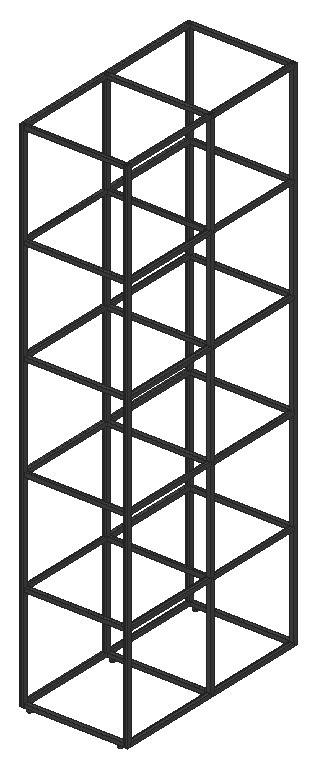
Revit family "DBLTD_TheSenatorGroup_OffcStrg_CrateDivide_CornerFrame_US", category Furniture, Revit 2018
Family settings
  Work Plane-Based = No
  Always vertical = Yes
  Cut with Voids When Loaded = No
  Shared = Yes
  Room Calculation Point = No
Parameters (values of type "5-High 2 Bay Unit")
  WarrantyStartDate [instance] = "1900-12-31T23:59:59"
  WarrantyGuarantorParts = "n/a"
  WarrantyGuarantorLabor = "n/a"
  WarrantyDurationUnit = "Years"
  WarrantyDurationParts = "n/a"
  WarrantyDurationLabor = "n/a"
  WarrantyDescription = "Allermuir will repair, or replace (at Allermuir’s sole discretion) with comparable free of charge materials/ components, any product/ component which fails under normal use in a single shift environment, as a result of a defect in the materials and/or workmanship. Exceptions - Non-standard product - 2 years Screen-mounted Accessories/ Dry-wipe Boards - 2 years Electrical and/or electronic componentry - 2 years. Exclusions - Allermuir does not warrant: Failure due to normal “Wear and Tear”. Natural variations in appearance of wood - its grain, figure and colour. Changes in surface appearance resulting from exposure to light, and the natural ageing process of wood. Changes in surface appearance resulting from the misuse of cleaning materials and methods/ damage form sharp objects/ imprinting from writing implements. Natural variations in Leather - its marks, scars and wrinkles. Product stored/ exposed to extreme operational conditions. Consumable components such as Fuses/ Lights/ lamps/ transformers/etc. Other Manufacturer’s product supplied by Allermuir (their own warranty shall apply where possible). Non-standard fabrics/ finishes or veneers used. Allermuir only checks the manufacturing quality of Customer’s Own Material (COM) and provides no warrant"
  Version = "2"  # constant formula
  Uniclass2015Version = "Products v1.9"
  Uniclass2015Title = "Office storage units"
  Uniclass2015Code = "Pr_40_30_78_57"
  URL = "https://www.thesenatorgroup.com/"
  Type Comments = "5-high 2 bay unit"
  TagNumber [instance] = "n/a"
  SustainabilityPerformance = "Contains up to 50.00% of Recycled Material"
  Style = "n/a"
  Size = "L 35.5\" x  W L 18\" x  H 88\""
  Shape = "Rectangular"
  SerialNumber [instance] = "n/a"
  Revision = "n/a"
  ReplacementCost = "n/a"
  ProductInformation = "https://www.thesenatorgroup.com/en/catalog/allermuir/tables-storage/crate-divide"
  OmniClassTitle = "Storage"
  OmniClassCode = "22-12 51 19"
  NominalWidth = 458 mm
  NominalLength = 458 mm  # constant formula
  NominalHeight = 2231.898 mm
  NominalDepth = 900 mm  # constant formula
  Name = "OfficeStorage_CrateDivide_CornerFrame"
  NBSReference = "45-35-80/360"
  NBSDescription = "Office storage"
  NBSCertification = ""
  ModelReference = "5-high 2 bay unit"
  ModelNumber = "CRT5H2B90"
  Model = "CRT5H2B90"
  Material = "Tubular Steel"
  ManufacturerURL = "https://www.thesenatorgroup.com/"
  ManufacturerName = "The Senator Group"
  Manufacturer = "The Senator Group"
  MainColor = "n/a"
  Keynote = "Pr_40_30_78_57"
  InstallationDate [instance] = "1900-12-31T23:59:59"
  IfcExportType = "STORAGE"  # constant formula
  IfcExportAs = "IfcFurnitureType"  # constant formula
  Grade = "n/a"
  FrameMaterial [instance] = TheSenatorGroup_Plastic_Black
  Finish = "Black powder coat as standard. Optional colours available White, Sage, Bronze and Aubergine"
  Features = "A cube based modular storage system with a prime function to to act as a room divider. Create spaces using the modular design of Crate. Pre-built components can be connected together in-line or at right angles to create different zones within existing spaces."
  ExpectedLife = "n/a"
  DurationUnit = "year"
  Description = "5-high 2 bay unit"
  Cost = 0
  Constituents = "Tubular Steel frame available in Optional White, Sage, Bronze and Aubergine powder coat"
  Color = "Defined by Finish Specifed"
  CodePerformance = "n/a"
  Category = "Pr_40_30_78_57:Office storage units"
  BayHeight = DBLTD_TheSenatorGroup_OffcStrg_CrateDivide_LinkingBars_Nested : Bars to Link 5-High Bay Unit
  BarCode [instance] = "n/a"
  BIMObjectName = "TheSenatorGroup_OfficeStorage_CrateDivide_CornerFrame"
  Author = "Diane Butterworth Ltd"  # constant formula
  AssetType = "Movable"
  AssetIdentifier [instance] = "n/a"
  AccessibilityPerformance = "n/a"
Types (4, lengths in mm): name | Type Comments | Size | NominalHeight | ModelReference | ModelNumber | Model | Description | BayHeight
  2-High 2 Bay Unit | "2-high 2 bay unit" | "L 35.5\" x  W L 18\" x  H 35.5\"" | 899.922 | "2-high 2 bay unit" | "CRT2H2B90" | "CRT2H2B90" | "2-high 2 bay unit" | DBLTD_TheSenatorGroup_OffcStrg_CrateDivide_LinkingBars_Nested : Bars to Link 2-High Bay Unit
  3-High 2 Bay Unit | "3-high 2 bay unit" | "L 35.5\" x  W L 18\" x  H 53\"" | 1347.978 | "3-high 2 bay unit" | "CRT3H2B90" | "CRT3H2B90" | "3-high 2 bay unit" | DBLTD_TheSenatorGroup_OffcStrg_CrateDivide_LinkingBars_Nested : Bars to Link 3-High Bay Unit
  4-High 2 Bay Unit | "4-high 2 bay unit" | "L 35.5\" x  W L 18\" x  H 30\"" | 1789.938 | "4-high 2 bay unit" | "CRT4H2B90" | "CRT4H2B90" | "4-high 2 bay unit" | DBLTD_TheSenatorGroup_OffcStrg_CrateDivide_LinkingBars_Nested : Bars to Link 4-High Bay Unit
  5-High 2 Bay Unit | "5-high 2 bay unit" | "L 35.5\" x  W L 18\" x  H 88\"" | 2231.898 | "5-high 2 bay unit" | "CRT5H2B90" | "CRT5H2B90" | "5-high 2 bay unit" | DBLTD_TheSenatorGroup_OffcStrg_CrateDivide_LinkingBars_Nested : Bars to Link 5-High Bay Unit
Reference planes
  plane 1 "Back": y = 0
  plane 2: z = 0
  plane 3 "Center (Left/Right)": x = 0
  plane 4 "Front": y = -900
  plane 5 "Left": x = -229
  plane 6 "Right": x = 229
  plane 7 "Top": z = 2231.898
  plane 8: y = -450
Dimensions and locks
  "NominalDepth": plane 4 "Front" to plane 1 "Back"
  equal spacing: plane 5 "Left", plane 3 "Center (Left/Right)", plane 6 "Right"
  "NominalLength": plane 5 "Left" to plane 6 "Right"
  "NominalHeight": plane 7 "Top" to level
  equal spacing: plane 4 "Front", plane 8, plane 1 "Back"
  aligned and locked: level to plane 2
  aligned and locked: nested 2 to plane 4 "Front"
Nested families
  nested 1: "DBLTD_TheSenatorGroup_OffcStrg_CrateDivide_LinkingBars_Nested" at (229, -229, 0) x (0, -1, 0) z (0, 0, 1), FrameMaterial <- "FrameMaterial", type <- "BayHeight", type "Bars to Link 5-High Bay Unit"
    with FrameMaterial TheSenatorGroup_Plastic_Black
  nested 2: "DBLTD_TheSenatorGroup_OffcStrg_CrateDivide_LinkingBars_Nested" at (229, -671, 0) x (0, -1, 0) z (0, 0, 1), FrameMaterial <- "FrameMaterial", type <- "BayHeight", type "Bars to Link 5-High Bay Unit"
    with Is2Bay no, FrameMaterial TheSenatorGroup_Plastic_Black
Definition of nested family "DBLTD_TheSenatorGroup_OffcStrg_CrateDivide_LinkingBars_Nested"
  Parameters (values of type "Bars to Link 2-High Bay Unit")
    URL = "https://www.thesenatorgroup.com/"
    Type Comments = ""
    Model = ""
    Manufacturer = "The Senator Group"
    Keynote = ""
    Is2Bay [instance] = yes
    FrameNumber = 2
    FrameMaterial [instance] = none
    FrameHeight = 899.93 mm
    Description = ""
    Cost = 0
  Types (4, lengths in mm): name | FrameNumber | FrameHeight
    Bars to Link 2-High Bay Unit | 2 | 899.93
    Bars to Link 3-High Bay Unit | 3 | 1342
    Bars to Link 4-High Bay Unit | 4 | 1784
    Bars to Link 5-High Bay Unit | 5 | 2226
  Reference planes
    plane 1 "Back": y = 0
    plane 2: z = 0
    plane 3 "Center (Left/Right)": x = 0
    plane 4 "Front": y = -458
    plane 5 "Left": x = -229
    plane 6 "Right": x = 229
    plane 7: y = -229
  Forms (mm)
    Extrusion 1, solid, material <- "FrameMaterial"
      sketch origin (0, 0, 0) x (0, 1, 0) y (0, 0, 1)
        loop
          line (-442.12, 25.88) -> (-458, 25.88) -> (-458, 10) -> (-442.12, 10) -> (-442.12, 25.88)
        loop
          line (0, 25.88) -> (-16, 25.88) -> (-16, 10) -> (0, 10) -> (0, 25.88)
        loop
          line (-2, 23.88) -> (-14, 23.88) -> (-14, 12) -> (-2, 12) -> (-2, 23.88)
        loop
          line (-444.12, 23.88) -> (-456, 23.88) -> (-456, 12) -> (-444.12, 12) -> (-444.12, 23.88)
      from -213.06 to 213.06
    Extrusion 2, solid, material <- "FrameMaterial"
      sketch origin (0, 0, 442.05) x (0, 1, 0) y (0, 0, 1)
        loop
          line (-442.12, 25.88) -> (-458, 25.88) -> (-458, 10) -> (-442.12, 10) -> (-442.12, 25.88)
        loop
          line (0, 25.88) -> (-16, 25.88) -> (-16, 10) -> (0, 10) -> (0, 25.88)
        loop
          line (-2, 23.88) -> (-14, 23.88) -> (-14, 12) -> (-2, 12) -> (-2, 23.88)
        loop
          line (-444.12, 23.88) -> (-456, 23.88) -> (-456, 12) -> (-444.12, 12) -> (-444.12, 23.88)
      from -213.06 to 213.06
    Extrusion 3, solid, material <- "FrameMaterial"
      sketch origin (0, 0, 884.05) x (0, 1, 0) y (0, 0, 1)
        loop
          line (-442.12, 25.88) -> (-458, 25.88) -> (-458, 10) -> (-442.12, 10) -> (-442.12, 25.88)
        loop
          line (0, 25.88) -> (-16, 25.88) -> (-16, 10) -> (0, 10) -> (0, 25.88)
        loop
          line (-2, 23.88) -> (-14, 23.88) -> (-14, 12) -> (-2, 12) -> (-2, 23.88)
        loop
          line (-444.12, 23.88) -> (-456, 23.88) -> (-456, 12) -> (-444.12, 12) -> (-444.12, 23.88)
      from -213.06 to 213.06
    Extrusion 4, solid, material <- "FrameMaterial", visible <- "Is2Bay"
      sketch origin (0, 0, 10) x (-1, 0, 0) y (0, -1, 0)
        loop
          line (229, 0) -> (229, 16) -> (213.06, 16) -> (213.06, 0) -> (229, 0)
        loop
          line (213.06, 442.12) -> (229, 442.12) -> (229, 458) -> (213.06, 458) -> (213.06, 442.12)
        loop
          line (227, 2) -> (227, 14) -> (215.06, 14) -> (215.06, 2) -> (227, 2)
        loop
          line (227, 444.12) -> (227, 456.12) -> (215.06, 456.12) -> (215.06, 444.12) -> (227, 444.12)
      from 0 to 899.93 <- "FrameHeight"
    Extrusion 5, solid, material <- "FrameMaterial"
      sketch origin (0, 0, 10) x (1, 0, 0) y (0, 1, 0)
        loop
          line (229, 0) -> (213.06, 0) -> (213.06, -16) -> (229, -16) -> (229, 0)
        loop
          line (213.06, -442.12) -> (213.06, -458) -> (229, -458) -> (229, -442.12) -> (213.06, -442.12)
        loop
          line (227, -2) -> (215.06, -2) -> (215.06, -14) -> (227, -14) -> (227, -2)
        loop
          line (227, -444.12) -> (215.06, -444.12) -> (215.06, -456.12) -> (227, -456.12) -> (227, -444.12)
      from 0 to 899.93 <- "FrameHeight"
    Extrusion 6, solid, material <- "FrameMaterial"
      sketch origin (-229, -229.06, 0) x (-1, 0, 0) y (0, 0, 1)
        loop
          line (-442.06, 25.88) -> (-458, 25.88) -> (-458, 10) -> (-442.06, 10) -> (-442.06, 25.88)
        loop
          line (-444.06, 23.88) -> (-456, 23.88) -> (-456, 12) -> (-444.06, 12) -> (-444.06, 23.88)
      from -213.06 to 213.06
    Extrusion 7, solid, material <- "FrameMaterial", visible <- "Is2Bay"
      sketch origin (-671.06, -229.06, 0) x (-1, 0, 0) y (0, 0, 1)
        loop
          line (-442.06, 25.88) -> (-458, 25.88) -> (-458, 10) -> (-442.06, 10) -> (-442.06, 25.88)
        loop
          line (-444.06, 23.88) -> (-456, 23.88) -> (-456, 12) -> (-444.06, 12) -> (-444.06, 23.88)
      from -213.06 to 213.06
    Extrusion 8, solid, material <- "FrameMaterial", not visible
      sketch origin (-229, -229.06, -10) x (-1, 0, 0) y (0, 0, 1)
        loop
          line (-442.06, 25.88) -> (-458, 25.88) -> (-458, 10) -> (-442.06, 10) -> (-442.06, 25.88)
        loop
          line (-444.06, 23.88) -> (-456, 23.88) -> (-456, 12) -> (-444.06, 12) -> (-444.06, 23.88)
      from -213.06 to 213.06
    Extrusion 9, solid, material <- "FrameMaterial", visible <- "Is2Bay", not visible
      sketch origin (-671.06, -229.06, -10) x (-1, 0, 0) y (0, 0, 1)
        loop
          line (-442.06, 25.88) -> (-458, 25.88) -> (-458, 10) -> (-442.06, 10) -> (-442.06, 25.88)
        loop
          line (-444.06, 23.88) -> (-456, 23.88) -> (-456, 12) -> (-444.06, 12) -> (-444.06, 23.88)
      from -213.06 to 213.06
    Extrusion 10, solid, material <- "FrameMaterial"
      sketch origin (-229, -229.06, 442.05) x (-1, 0, 0) y (0, 0, 1)
        loop
          line (-442.06, 25.88) -> (-458, 25.88) -> (-458, 10) -> (-442.06, 10) -> (-442.06, 25.88)
        loop
          line (-444.06, 23.88) -> (-456, 23.88) -> (-456, 12) -> (-444.06, 12) -> (-444.06, 23.88)
      from -213.06 to 213.06
    Extrusion 11, solid, material <- "FrameMaterial", visible <- "Is2Bay"
      sketch origin (-671.06, -229.06, 442.05) x (-1, 0, 0) y (0, 0, 1)
        loop
          line (-442.06, 25.88) -> (-458, 25.88) -> (-458, 10) -> (-442.06, 10) -> (-442.06, 25.88)
        loop
          line (-444.06, 23.88) -> (-456, 23.88) -> (-456, 12) -> (-444.06, 12) -> (-444.06, 23.88)
      from -213.06 to 213.06
    Extrusion 12, solid, material <- "FrameMaterial"
      sketch origin (-229, -229.06, 884.05) x (-1, 0, 0) y (0, 0, 1)
        loop
          line (-442.06, 25.88) -> (-458, 25.88) -> (-458, 10) -> (-442.06, 10) -> (-442.06, 25.88)
        loop
          line (-444.06, 23.88) -> (-456, 23.88) -> (-456, 12) -> (-444.06, 12) -> (-444.06, 23.88)
      from -213.06 to 213.06
    Extrusion 13, solid, material <- "FrameMaterial", visible <- "Is2Bay"
      sketch origin (-671.06, -229.06, 884.05) x (-1, 0, 0) y (0, 0, 1)
        loop
          line (-442.06, 25.88) -> (-458, 25.88) -> (-458, 10) -> (-442.06, 10) -> (-442.06, 25.88)
        loop
          line (-444.06, 23.88) -> (-456, 23.88) -> (-456, 12) -> (-444.06, 12) -> (-444.06, 23.88)
      from -213.06 to 213.06
    Revolve 14, solid, visible <- "Is2Bay"
      sketch origin (0, -35, 0) x (1, 0, 0) y (0, 0, 1)
        loop
          line (-221.03, 10) -> (-224.53, 10) -> (-224.53, 3.867) -> (-227.78, 3.867)
          arc (-227.78, 3.867) -> (-229.194, 3.282) -> (-229.78, 1.867) r 2
          line (-229.78, 1.867) -> (-229.78, 0) -> (-221.03, 0) -> (-221.03, 10)
        axis (-221.03, 0) -> (-221.03, 10)
      angle from 0 to 360
    Revolve 15, solid, visible <- "Is2Bay"
      sketch origin (0, -423.12, 0) x (1, 0, 0) y (0, 0, -1)
        loop
          line (-221.03, -10) -> (-221.03, 0) -> (-229.78, 0) -> (-229.78, -1.867)
          arc (-229.78, -1.867) -> (-229.194, -3.282) -> (-227.78, -3.867) r 2
          line (-227.78, -3.867) -> (-224.53, -3.867) -> (-224.53, -10) -> (-221.03, -10)
        axis (-221.03, 0) -> (-221.03, -10)
      angle from 0 to 360
    Revolve 16, solid
      sketch origin (0, -35, 0) x (-1, 0, 0) y (0, 0, -1)
        loop
          line (-221.03, -10) -> (-221.03, 0) -> (-229.78, 0) -> (-229.78, -1.867)
          arc (-229.78, -1.867) -> (-229.194, -3.282) -> (-227.78, -3.867) r 2
          line (-227.78, -3.867) -> (-224.53, -3.867) -> (-224.53, -10) -> (-221.03, -10)
        axis (-221.03, 0) -> (-221.03, -10)
      angle from 0 to 360
    Revolve 17, solid
      sketch origin (0, -423.12, 0) x (-1, 0, 0) y (0, 0, 1)
        loop
          line (-221.03, 10) -> (-224.53, 10) -> (-224.53, 3.867) -> (-227.78, 3.867)
          arc (-227.78, 3.867) -> (-229.194, 3.282) -> (-229.78, 1.867) r 2
          line (-229.78, 1.867) -> (-229.78, 0) -> (-221.03, 0) -> (-221.03, 10)
        axis (-221.03, 0) -> (-221.03, 10)
      angle from 0 to 360
  Dimensions and locks
    plane 4 "Front" to plane 1 "Back" = 458 mm
    equal spacing: plane 5 "Left", plane 3 "Center (Left/Right)", plane 6 "Right"
    plane 5 "Left" to plane 6 "Right" = 458 mm
    equal spacing: plane 4 "Front", plane 7, plane 1 "Back"
    Extrusion 2 to level = 467.93 mm
    group 2 to group 3 = 0 mm  (x2)
    group 2 to group 3 = 442 mm
    group 6 to group 7 = 0 mm  (x2)
    group 6 to group 7 = 442 mm
    aligned and locked: level to plane 2
  Automatic sketch dimensions
    Extrusion 1 sketch curve to Extrusion 1 sketch curve = 15.88 mm  (x3)
    Extrusion 1 sketch curve to Extrusion 1 sketch curve = 2 mm  (x8)
    Extrusion 1 sketch curve to Extrusion 1 sketch curve = 426.12 mm
    Extrusion 1 sketch curve to Extrusion 1 sketch curve = 12 mm
    Extrusion 1 sketch curve to Extrusion 1 sketch curve = 0 mm
    Extrusion 2 sketch curve to Extrusion 2 sketch curve = 15.88 mm  (x3)
    Extrusion 2 sketch curve to Extrusion 2 sketch curve = 2 mm  (x8)
    Extrusion 2 sketch curve to Extrusion 2 sketch curve = 426.12 mm
    Extrusion 2 sketch curve to Extrusion 2 sketch curve = 12 mm
    Extrusion 2 sketch curve to Extrusion 2 sketch curve = 0 mm
    Extrusion 3 sketch curve to Extrusion 3 sketch curve = 15.88 mm  (x3)
    Extrusion 3 sketch curve to Extrusion 3 sketch curve = 2 mm  (x8)
    Extrusion 3 sketch curve to Extrusion 3 sketch curve = 426.12 mm
    Extrusion 3 sketch curve to Extrusion 3 sketch curve = 12 mm
    Extrusion 3 sketch curve to Extrusion 3 sketch curve = 0 mm
    Extrusion 6 sketch curve to Extrusion 6 sketch curve = 11.94 mm
    Extrusion 6 sketch curve to Extrusion 6 sketch curve = 2 mm  (x4)
    Extrusion 6 sketch curve to Extrusion 6 sketch curve = 11.88 mm
    Extrusion 7 sketch curve to Extrusion 7 sketch curve = 11.94 mm
    Extrusion 7 sketch curve to Extrusion 7 sketch curve = 2 mm  (x4)
    Extrusion 7 sketch curve to Extrusion 7 sketch curve = 11.88 mm
    Extrusion 8 sketch curve to Extrusion 8 sketch curve = 11.94 mm
    Extrusion 8 sketch curve to Extrusion 8 sketch curve = 2 mm  (x4)
    Extrusion 8 sketch curve to Extrusion 8 sketch curve = 11.88 mm
    Extrusion 9 sketch curve to Extrusion 9 sketch curve = 11.94 mm
    Extrusion 9 sketch curve to Extrusion 9 sketch curve = 2 mm  (x4)
    Extrusion 9 sketch curve to Extrusion 9 sketch curve = 11.88 mm
    Extrusion 10 sketch curve to Extrusion 10 sketch curve = 11.94 mm
    Extrusion 10 sketch curve to Extrusion 10 sketch curve = 2 mm  (x4)
    Extrusion 10 sketch curve to Extrusion 10 sketch curve = 11.88 mm
    Extrusion 11 sketch curve to Extrusion 11 sketch curve = 11.94 mm
    Extrusion 11 sketch curve to Extrusion 11 sketch curve = 2 mm  (x4)
    Extrusion 11 sketch curve to Extrusion 11 sketch curve = 11.88 mm
    Extrusion 12 sketch curve to Extrusion 12 sketch curve = 11.94 mm
    Extrusion 12 sketch curve to Extrusion 12 sketch curve = 2 mm  (x4)
    Extrusion 12 sketch curve to Extrusion 12 sketch curve = 11.88 mm
    Extrusion 13 sketch curve to Extrusion 13 sketch curve = 11.94 mm
    Extrusion 13 sketch curve to Extrusion 13 sketch curve = 2 mm  (x4)
    Extrusion 13 sketch curve to Extrusion 13 sketch curve = 11.88 mm
    plane 1 "Back" to Extrusion 4 sketch curve = 0 mm
    Extrusion 4 sketch curve to plane 4 "Front" = 0 mm
    Extrusion 4 sketch curve to plane 5 "Left" = 0 mm  (x2)
    plane 5 "Left" to Extrusion 4 sketch curve = 2 mm  (x2)
    plane 1 "Back" to Extrusion 4 sketch curve = 2 mm
    Extrusion 4 sketch curve to Extrusion 4 sketch curve = 11.94 mm  (x2)
    Extrusion 4 sketch curve to Extrusion 4 sketch curve = 2 mm  (x4)
    Extrusion 4 sketch curve to Extrusion 4 sketch curve = 12 mm
    plane 4 "Front" to Extrusion 4 sketch curve = 15.88 mm
    plane 4 "Front" to Extrusion 4 sketch curve = 1.88 mm
    plane 1 "Back" to Extrusion 5 sketch curve = 0 mm
    Extrusion 5 sketch curve to plane 4 "Front" = 0 mm
    Extrusion 5 sketch curve to plane 6 "Right" = 0 mm  (x2)
    Extrusion 5 sketch curve to plane 6 "Right" = 2 mm  (x2)
    plane 1 "Back" to Extrusion 5 sketch curve = 2 mm
    Extrusion 5 sketch curve to Extrusion 5 sketch curve = 11.94 mm  (x2)
    Extrusion 5 sketch curve to Extrusion 5 sketch curve = 2 mm  (x4)
    plane 4 "Front" to Extrusion 5 sketch curve = 1.88 mm
    Extrusion 5 sketch curve to Extrusion 5 sketch curve = 12 mm
    Extrusion 5 sketch curve to Extrusion 5 sketch curve = 14 mm
    Revolve 14 sketch curve to level = 0 mm
    Revolve 14 sketch curve to plane 5 "Left" = 0.78 mm
    plane 5 "Left" to Revolve 14 sketch curve = 1.22 mm
    plane 5 "Left" to Revolve 14 sketch curve = 4.47 mm
    Revolve 14 sketch curve to Revolve 14 sketch curve = 3.5 mm  (x2)
    level to Revolve 14 sketch curve = 1.867 mm
    Revolve 14 sketch curve to Revolve 14 sketch curve = 6.133 mm
    Revolve 14 sketch curve to Revolve 14 sketch curve = 0 mm
    Revolve 14 sketch curve to Revolve 14 sketch curve = 5.73 mm
    Revolve 15 sketch curve to level = 0 mm
    Revolve 15 sketch curve to plane 5 "Left" = 0.78 mm
    plane 5 "Left" to Revolve 15 sketch curve = 1.22 mm
    plane 5 "Left" to Revolve 15 sketch curve = 4.47 mm
    Revolve 15 sketch curve to Revolve 15 sketch curve = 3.5 mm  (x2)
    level to Revolve 15 sketch curve = 1.867 mm
    Revolve 15 sketch curve to Revolve 15 sketch curve = 6.133 mm
    Revolve 15 sketch curve to Revolve 15 sketch curve = 0 mm
    Revolve 15 sketch curve to Revolve 15 sketch curve = 5.73 mm
    Revolve 16 sketch curve to level = 0 mm
    plane 6 "Right" to Revolve 16 sketch curve = 0.78 mm
    Revolve 16 sketch curve to plane 6 "Right" = 1.22 mm
    Revolve 16 sketch curve to plane 6 "Right" = 4.47 mm
    Revolve 16 sketch curve to Revolve 16 sketch curve = 3.5 mm  (x2)
    level to Revolve 16 sketch curve = 1.867 mm
    Revolve 16 sketch curve to Revolve 16 sketch curve = 6.133 mm
    Revolve 16 sketch curve to Revolve 16 sketch curve = 0 mm
    Revolve 16 sketch curve to Revolve 16 sketch curve = 5.73 mm
    Revolve 17 sketch curve to level = 0 mm
    plane 6 "Right" to Revolve 17 sketch curve = 0.78 mm
    Revolve 17 sketch curve to plane 6 "Right" = 1.22 mm
    Revolve 17 sketch curve to plane 6 "Right" = 4.47 mm
    Revolve 17 sketch curve to Revolve 17 sketch curve = 3.5 mm  (x2)
    level to Revolve 17 sketch curve = 1.867 mm
    Revolve 17 sketch curve to Revolve 17 sketch curve = 6.133 mm
    Revolve 17 sketch curve to Revolve 17 sketch curve = 0 mm
    Revolve 17 sketch curve to Revolve 17 sketch curve = 5.73 mm
